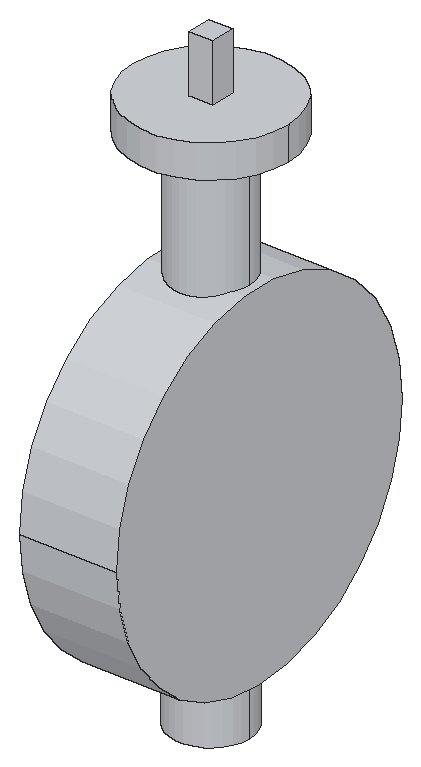
Revit family "HS497-68_disk-nerez_volné vřeteno DN150-RFA_2018", category Pipe Accessories, Revit 2018
Family settings
  Round Connector Dimension = Use Diameter
  Part Type = Valve - Breaks Into
  Work Plane-Based = No
  Always vertical = Yes
  Cut with Voids When Loaded = No
  Shared = No
Parameters (values of type "HS 497-68_DN150_PN16_volné vřeteno")
  magiProductId = "50c80cb8ab434f55ab7796e5ac1331"
  magiProductFamilyId = "53cea81e6f374d17b8841d9c72ad77"
  magiPartTypeId = 305
  isMeasuringValve [instance] = no
  ang2D [instance] = 0.00°
  X11 = 61.456 mm
  X1 = 25.456 mm
  W2D = 1000 mm
  VersionID = "2.0/2017.9.26.1/ZETKAMA_497_001"
  Use Minimum Symbol Size [instance] = yes
  URL = "http://www.hydronic.cz"
  Type Comments = "mezipřírubová; nerezový disk; PN16; -10~+110°C (krátkodobě +120°C)"
  SW30 = no
  SW3 = no
  SW21 = no
  SW20 = no
  SW2 = no
  SW1 = yes
  R = 75 mm
  QmdConnectorList = "301;D;302;D"
  Productdata [instance] = ""
  NC = 50 mm
  Manufacturer = "Hydronic Systems Prague s.r.o."
  MM20 = 25.456 mm
  MC Product Code = "124 150 (nerezový disk, s volným vřetenem; DN150; PN16, kvs1347)"
  M41 = 66 mm
  M4 = 44 mm
  LHL = 220 mm
  LHH3 = 2.45 mm
  LHH1 = 46.55 mm
  LH1 = 73.333 mm
  L4R__ve = -L4R  # -12.8 mm
  L4R = 12.8 mm
  L42__ve = -L42  # -96 mm
  L42 = 96 mm
  L41__ve = -L41  # -19.2 mm
  L41 = 19.2 mm
  L2D_Min = 3048 mm
  L2D = 216 mm
  L2 = 28 mm
  L1 = 44.8 mm
  L = 56 mm
  H = 33 mm
  G22 = 11.25 mm
  G2 = 22.5 mm
  G1 = 90 mm
  G = 90 mm
  F = 14 mm
  E44 = 31.25 mm
  E42 = 62.5 mm
  E4 = 125 mm
  E23 = 4.9 mm
  E22 = 19.6 mm
  E21 = 9.8 mm
  Description = "Mezipřírubová uzavírací klapka s volným vřetenem; nerezový disk, DN150; PN16; kvs1347"
  DR2 = 75 mm
  DR = 206 mm
  DD1 = 15.625 mm
  DD = 12.5 mm
  D = 150 mm
  CAT0 = yes
  B2__ve = -B2  # -58 mm
  B2 = 58 mm
  A2 = 19.3 mm
  A1 = 98.7 mm
Types (43, lengths in mm): name | magiProductId | X11 | X1 | Type Comments | SW30 | SW3 | SW20 | SW2 | SW1 | R | NC | Manufacturer | MM20 | MC Product Code | M41 | M4 | LHL | LHH3 | LHH1 | LH1 | L4R__ve | L4R | L42__ve | L42 | L41__ve | L41 | L2 | L1 | L | H | G | F | E44 | E42 | E4 | E23 | E22 | E21 | Description | DR2 | DR | DD1 | DD | D | B2__ve | B2 | A2 | A1
  HS 497-68_DN100_PN16_volné vřeteno | "65d1b245f4f142c78569c0602d5754" | 61.456 | 25.456 | "mezipřírubová; nerezový disk; PN16; -10~+110°C (krátkodobě +120°C)" | no | no | no | no | yes | 50 | 50 | "Hydronic Systems Prague s.r.o." | 25.456 | "124 100 (nerezový disk, s volným vřetenem; DN100; PN16, kvs512)" | 66 | 44 | 220 | 2.45 | 46.55 | 73.333 | -12.8 | 12.8 | -96 | 96 | -19.2 | 19.2 | 26 | 41.6 | 52 | 30 | 90 | 11 | 31.25 | 62.5 | 125 | 4.9 | 19.6 | 9.8 | "Mezipřírubová uzavírací klapka s volným vřetenem; nerezový disk, DN100; PN16; kvs512" | 50 | 147 | 15.625 | 12.5 | 100 | -56 | 56 | 16.5 | 98.5
  HS 497-68_DN100_PN16_převodové kolo | "11e91b807e674d428c8e796fcdcfe2" | 61.456 | 25.456 | "mezipřírubová; nerezový disk; PN16; -10~+110°C (krátkodobě +120°C)" | yes | yes | no | no | no | 50 | 50 | "Hydronic Systems Prague s.r.o." | 25.456 | "126 100 (nerezový disk, s převodovým kolem; DN100; PN16, kvs512)" | 65.25 | 43.5 | 220 | 2.45 | 46.55 | 73.333 | -12.8 | 12.8 | -96 | 96 | -19.2 | 19.2 | 26 | 41.6 | 52 | 30 | 90 | 11 | 31.25 | 62.5 | 125 | 4.9 | 19.6 | 9.8 | "Mezipřírubová uzavírací klapka s převodovým kolem; nerezový disk, DN100; PN16; kvs512" | 50 | 147 | 15.625 | 12.5 | 100 | -56 | 56 | 16.5 | 98.5
  HS 497-68_DN100_PN16_s pákou | "28172f0b3f4b47b28323ac71cf8749" | 61.456 | 25.456 | "mezipřírubová; nerezový disk; PN16; -10~+110°C (krátkodobě +120°C)" | no | no | yes | yes | no | 50 | 50 | "Hydronic Systems Prague s.r.o." | 25.456 | "121 100 (nerezový disk, s pákou; DN100; PN16, kvs512)" | 66 | 44 | 260 | 3 | 57 | 86.667 | -12.8 | 12.8 | -96 | 96 | -19.2 | 19.2 | 26 | 41.6 | 52 | 30 | 90 | 11 | 31.25 | 62.5 | 125 | 6 | 24 | 12 | "Mezipřírubová uzavírací klapka s pákou; nerezový disk, DN100; PN16; kvs512" | 50 | 147 | 15.625 | 12.5 | 100 | -56 | 56 | 16.5 | 98.5
  HS 497-68_DN125_PN16_volné vřeteno | "0d813d910fc14f628bb3c2efbd185c" | 61.456 | 25.456 | "mezipřírubová; nerezový disk; PN16; -10~+110°C (krátkodobě +120°C)" | no | no | no | no | yes | 62.5 | 50 | "Hydronic Systems Prague s.r.o." | 25.456 | "124 125 (nerezový disk, s volným vřetenem; DN125; PN16, kvs872)" | 66 | 44 | 220 | 2.45 | 46.55 | 73.333 | -12.8 | 12.8 | -96 | 96 | -19.2 | 19.2 | 28 | 44.8 | 56 | 33 | 90 | 14 | 31.25 | 62.5 | 125 | 4.9 | 19.6 | 9.8 | "Mezipřírubová uzavírací klapka s volným vřetenem; nerezový disk, DN125; PN16; kvs872" | 62.5 | 180 | 15.625 | 12.5 | 125 | -64 | 64 | 18 | 99.5
  HS 497-68_DN125_PN16_převodové kolo | "c56b7c13f372467684996fb1e0e229" | 61.456 | 25.456 | "mezipřírubová; nerezový disk; PN16; -10~+110°C (krátkodobě +120°C)" | yes | yes | no | no | no | 62.5 | 50 | "Hydronic Systems Prague s.r.o." | 25.456 | "126125 (nerezový disk, s převodovým kolem; DN125; PN16, kvs872)" | 65.25 | 43.5 | 220 | 2.45 | 46.55 | 73.333 | -13.5 | 13.5 | -101.25 | 101.25 | -20.25 | 20.25 | 28 | 44.8 | 56 | 33 | 90 | 14 | 40 | 80 | 160 | 4.9 | 19.6 | 9.8 | "Mezipřírubová uzavírací klapka s převodovým kolem; nerezový disk, DN125; PN16; kvs872" | 62.5 | 180 | 20 | 16 | 125 | -64 | 64 | 18 | 99.5
  HS 497-68_DN125_PN16_s pákou | "105993c79a91492399feef7931321a" | 61.456 | 25.456 | "mezipřírubová; nerezový disk; PN16; -10~+110°C (krátkodobě +120°C)" | no | no | yes | yes | no | 62.5 | 50 | "Hydronic Systems Prague s.r.o." | 25.456 | "121 125 (nerezový disk, s pákou; DN125; PN16, kvs872)" | 66 | 44 | 315 | 3.75 | 71.25 | 105 | -12.8 | 12.8 | -96 | 96 | -19.2 | 19.2 | 28 | 44.8 | 56 | 33 | 90 | 14 | 31.25 | 62.5 | 125 | 7.5 | 30 | 15 | "Mezipřírubová uzavírací klapka s pákou; nerezový disk, DN125; PN16; kvs872" | 62.5 | 180 | 15.625 | 12.5 | 125 | -64 | 64 | 18 | 99.5
  HS 497-68_DN150_PN16_volné vřeteno | "50c80cb8ab434f55ab7796e5ac1331" | 61.456 | 25.456 | "mezipřírubová; nerezový disk; PN16; -10~+110°C (krátkodobě +120°C)" | no | no | no | no | yes | 75 | 50 | "Hydronic Systems Prague s.r.o." | 25.456 | "124 150 (nerezový disk, s volným vřetenem; DN150; PN16, kvs1347)" | 66 | 44 | 220 | 2.45 | 46.55 | 73.333 | -12.8 | 12.8 | -96 | 96 | -19.2 | 19.2 | 28 | 44.8 | 56 | 33 | 90 | 14 | 31.25 | 62.5 | 125 | 4.9 | 19.6 | 9.8 | "Mezipřírubová uzavírací klapka s volným vřetenem; nerezový disk, DN150; PN16; kvs1347" | 75 | 206 | 15.625 | 12.5 | 150 | -58 | 58 | 19.3 | 98.7
  HS 497-68_DN150_PN16_převodové kolo | "d94a1a0cf83b476eb10011b327f709" | 61.456 | 25.456 | "mezipřírubová; nerezový disk; PN16; -10~+110°C (krátkodobě +120°C)" | yes | yes | no | no | no | 75 | 50 | "Hydronic Systems Prague s.r.o." | 25.456 | "126 150 (nerezový disk, s převodovým kolem; DN150; PN16, kvs1347)" | 65.25 | 43.5 | 220 | 2.45 | 46.55 | 73.333 | -13.5 | 13.5 | -101.25 | 101.25 | -20.25 | 20.25 | 28 | 44.8 | 56 | 33 | 90 | 14 | 40 | 80 | 160 | 4.9 | 19.6 | 9.8 | "Mezipřírubová uzavírací klapka s převodovým kolem; nerezový disk, DN150; PN16; kvs1347" | 75 | 206 | 20 | 16 | 150 | -58 | 58 | 19.3 | 98.7
  HS 497-68_DN150_PN16_s pákou | "4d2835523fe84828bc50ff0a5a0dfb" | 61.456 | 25.456 | "mezipřírubová; nerezový disk; PN16; -10~+110°C (krátkodobě +120°C)" | no | no | yes | yes | no | 75 | 50 | "Hydronic Systems Prague s.r.o." | 25.456 | "121 150 (nerezový disk, s pákou; DN150; PN16, kvs1347)" | 66 | 44 | 315 | 3.75 | 71.25 | 105 | -12.8 | 12.8 | -96 | 96 | -19.2 | 19.2 | 28 | 44.8 | 56 | 33 | 90 | 14 | 31.25 | 62.5 | 125 | 7.5 | 30 | 15 | "Mezipřírubová uzavírací klapka s pákou; nerezový disk, DN150; PN16; kvs1347" | 75 | 206 | 15.625 | 12.5 | 150 | -58 | 58 | 19.3 | 98.7
  HS 497-68_DN200_PN16_volné vřeteno | "5b29029eaeba47139ee1055a4b9201" | 61.456 | 25.456 | "mezipřírubová; nerezový disk; PN16; -10~+110°C (krátkodobě +120°C)" | no | no | no | no | yes | 100 | 50 | "Hydronic Systems Prague s.r.o." | 25.456 | "124 200 (nerezový disk, s volným vřetenem; DN200; PN16, kvs2675)" | 66 | 44 | 220 | 2.45 | 46.55 | 73.333 | -12.8 | 12.8 | -96 | 96 | -19.2 | 19.2 | 30 | 48 | 60 | 33 | 90 | 17 | 31.25 | 62.5 | 125 | 4.9 | 19.6 | 9.8 | "Mezipřírubová uzavírací klapka s volným vřetenem; nerezový disk, DN200; PN16; kvs2675" | 100 | 257 | 15.625 | 12.5 | 200 | -70 | 70 | 22.5 | 102.5
  HS 497-68_DN200_PN16_převodové kolo | "b2793cc1fcc44cf2a35062cd67c04f" | 61.456 | 25.456 | "mezipřírubová; nerezový disk; PN16; -10~+110°C (krátkodobě +120°C)" | yes | yes | no | no | no | 100 | 57 | "Hydronic Systems Prague s.r.o." | 25.456 | "126 200 (nerezový disk, s převodovým kolem; DN200; PN16, kvs2675)" | 78.75 | 52.5 | 220 | 2.45 | 46.55 | 73.333 | -15.2 | 15.2 | -114 | 114 | -22.8 | 22.8 | 30 | 48 | 60 | 33 | 90 | 17 | 50 | 100 | 200 | 4.9 | 19.6 | 9.8 | "Mezipřírubová uzavírací klapka s převodovým kolem; nerezový disk, DN200; PN16; kvs2675" | 100 | 257 | 25 | 20 | 200 | -70 | 70 | 22.5 | 102.5
  HS 497-68_DN200_PN16_s pákou | "f88d96c7af224537a51e72d7d8fffe" | 61.456 | 25.456 | "mezipřírubová; nerezový disk; PN16; -10~+110°C (krátkodobě +120°C)" | no | no | yes | yes | no | 100 | 50 | "Hydronic Systems Prague s.r.o." | 25.456 | "121 200 (nerezový disk, s pákou; DN200; PN16, kvs2675)" | 66 | 44 | 315 | 3.75 | 71.25 | 105 | -12.8 | 12.8 | -96 | 96 | -19.2 | 19.2 | 30 | 48 | 60 | 33 | 90 | 17 | 31.25 | 62.5 | 125 | 7.5 | 30 | 15 | "Mezipřírubová uzavírací klapka s pákou; nerezový disk, DN200; PN16; kvs2675" | 100 | 257 | 15.625 | 12.5 | 200 | -70 | 70 | 22.5 | 102.5
  HS 497-68_DN250_PN16_volné vřeteno | "b662e8305ca2402b9c510e66e6aa55" | 88.77 | 36.77 | "mezipřírubová; nerezový disk; PN16; -10~+110°C (krátkodobě +120°C)" | no | no | no | no | yes | 125 | 50 | "Hydronic Systems Prague s.r.o." | 36.77 | "124 250 (nerezový disk, s volným vřetenem; DN250; PN16, kvs4555)" | 66 | 44 | 220 | 2.45 | 46.55 | 73.333 | -12.8 | 12.8 | -96 | 96 | -19.2 | 19.2 | 34 | 54.4 | 68 | 23 | 130 | 22 | 31.25 | 62.5 | 125 | 4.9 | 19.6 | 9.8 | "Mezipřírubová uzavírací klapka s volným vřetenem; nerezový disk, DN250; PN16; kvs4555" | 125 | 324 | 15.625 | 12.5 | 250 | -85 | 85 | 28.25 | 129.25
  HS 497-68_DN250_PN16_převodové kolo | "5ee9016806664ddfaa2632711f295c" | 88.77 | 36.77 | "mezipřírubová; nerezový disk; PN16; -10~+110°C (krátkodobě +120°C)" | yes | yes | no | no | no | 125 | 70 | "Hydronic Systems Prague s.r.o." | 36.77 | "126 250 (nerezový disk, s převodovým kolem; DN250; PN16, kvs4555)" | 91.5 | 61 | 220 | 2.45 | 46.55 | 73.333 | -22.2 | 22.2 | -166.5 | 166.5 | -33.3 | 33.3 | 34 | 54.4 | 68 | 23 | 130 | 22 | 62.5 | 125 | 250 | 4.9 | 19.6 | 9.8 | "Mezipřírubová uzavírací klapka s převodovým kolem; nerezový disk, DN250; PN16; kvs4555" | 125 | 324 | 31.25 | 25 | 250 | -85 | 85 | 28.25 | 129.25
  HS 497-68_DN300_PN16_volné vřeteno | "e1886f51ff004380a649519258edf2" | 88.77 | 36.77 | "mezipřírubová; nerezový disk; PN16; -10~+110°C (krátkodobě +120°C)" | no | no | no | no | yes | 150 | 50 | "Hydronic Systems Prague s.r.o." | 36.77 | "124 300 (nerezový disk, s volným vřetenem; DN300; PN16, kvs7037)" | 66 | 44 | 220 | 2.45 | 46.55 | 73.333 | -12.8 | 12.8 | -96 | 96 | -19.2 | 19.2 | 39 | 62.4 | 78 | 23 | 130 | 22 | 31.25 | 62.5 | 125 | 4.9 | 19.6 | 9.8 | "Mezipřírubová uzavírací klapka s volným vřetenem; nerezový disk, DN300; PN16; kvs7037" | 150 | 376 | 15.625 | 12.5 | 300 | -90 | 90 | 30.8 | 127.2
  HS 497-68_DN300_PN16_převodové kolo | "6860f094f77d42088fbebc3c97f755" | 88.77 | 36.77 | "mezipřírubová; nerezový disk; PN16; -10~+110°C (krátkodobě +120°C)" | yes | yes | no | no | no | 150 | 70 | "Hydronic Systems Prague s.r.o." | 36.77 | "126 300 (nerezový disk, s převodovým kolem; DN300; PN16, kvs7037)" | 91.5 | 61 | 220 | 2.45 | 46.55 | 73.333 | -22.2 | 22.2 | -166.5 | 166.5 | -33.3 | 33.3 | 39 | 62.4 | 78 | 23 | 130 | 22 | 62.5 | 125 | 250 | 4.9 | 19.6 | 9.8 | "Mezipřírubová uzavírací klapka s převodovým kolem; nerezový disk, DN300; PN16; kvs7037" | 150 | 376 | 31.25 | 25 | 300 | -90 | 90 | 30.8 | 127.2
  HS 497-68_DN032_PN16_volné vřeteno | "8c5f65de52aa4067a77564107e31b2" | 61.456 | 25.456 | "mezipřírubová; nerezový disk; PN16; -10~+110°C (krátkodobě +120°C)" | no | no | no | no | yes | 16 | 50 | "Hydronic Systems Prague s.r.o." | 25.456 | "124 032 (nerezový disk, s volným vřetenem; DN32; PN16, kvs78)" | 66 | 44 | 220 | 2.45 | 46.55 | 73.333 | -12.8 | 12.8 | -96 | 96 | -19.2 | 19.2 | 16.5 | 26.4 | 33 | 30 | 90 | 11 | 31.25 | 62.5 | 125 | 4.9 | 19.6 | 9.8 | "Mezipřírubová uzavírací klapka s volným vřetenem; nerezový disk, DN32; PN16; kvs78" | 16 | 68 | 15.625 | 12.5 | 32 | -44.2 | 44.2 | 10.25 | 76.25
  HS 497-68_DN032_PN16_převodové kolo | "60aaeffa8b3a4e809ef000e4660060" | 61.456 | 25.456 | "mezipřírubová; nerezový disk; PN16; -10~+110°C (krátkodobě +120°C)" | yes | yes | no | no | no | 16 | 50 | "Hydronic Systems Prague s.r.o." | 25.456 | "126 032 (nerezový disk, s převodovým kolem; DN32; PN16, kvs78)" | 65.25 | 43.5 | 220 | 2.45 | 46.55 | 73.333 | -12.8 | 12.8 | -96 | 96 | -19.2 | 19.2 | 16.5 | 26.4 | 33 | 30 | 90 | 11 | 31.25 | 62.5 | 125 | 4.9 | 19.6 | 9.8 | "Mezipřírubová uzavírací klapka s převodovým kolem; nerezový disk, DN32; PN16; kvs78" | 16 | 68 | 15.625 | 12.5 | 32 | -44.2 | 44.2 | 10.25 | 76.25
  HS 497-68_DN032_PN16_s pákou | "9ad8088d610749a1b871aa2aad8007" | 61.456 | 25.456 | "mezipřírubová; nerezový disk; PN16; -10~+110°C (krátkodobě +120°C)" | no | no | yes | yes | no | 16 | 50 | "Hydronic Systems Prague s.r.o." | 25.456 | "121 032 (nerezový disk, s pákou; DN32; PN16, kvs78)" | 66 | 44 | 220 | 2.45 | 46.55 | 73.333 | -12.8 | 12.8 | -96 | 96 | -19.2 | 19.2 | 16.5 | 26.4 | 33 | 30 | 90 | 11 | 31.25 | 62.5 | 125 | 4.9 | 19.6 | 9.8 | "Mezipřírubová uzavírací klapka s pákou; nerezový disk, DN32; PN16; kvs78" | 16 | 68 | 15.625 | 12.5 | 32 | -44.2 | 44.2 | 10.25 | 76.25
  HS 497-68_DN350_PN10_volné vřeteno | "72a1e05f22944421b7e9596a877137" | 109.255 | 45.255 | "mezipřírubová; nerezový disk; PN10; -10~+110°C (krátkodobě +120°C)" | no | no | no | no | yes | 175 | 50 | "Hydronic Systems Prague s.r.o." | 45.255 | "124 350 (nerezový disk, s volným vřetenem; DN350; PN10, kvs10165)" | 66 | 44 | 220 | 2.45 | 46.55 | 73.333 | -12.8 | 12.8 | -96 | 96 | -19.2 | 19.2 | 39 | 62.4 | 78 | 31 | 160 | 22 | 31.25 | 62.5 | 125 | 4.9 | 19.6 | 9.8 | "Mezipřírubová uzavírací klapka s volným vřetenem; nerezový disk, DN350; PN10; kvs10165" | 175 | 430 | 15.625 | 12.5 | 350 | -88 | 88 | 33.85 | 129.65
  HS 497-68_DN350_PN10_převodové kolo | "a5a01426cb28494ba3afca92f1dace" | 109.255 | 45.255 | "mezipřírubová; nerezový disk; PN10; -10~+110°C (krátkodobě +120°C)" | yes | yes | no | no | no | 175 | 70 | "Hydronic Systems Prague s.r.o." | 45.255 | "126 350 (nerezový disk, s převodovým kolem; DN350; PN10, kvs10165)" | 91.5 | 61 | 220 | 2.45 | 46.55 | 73.333 | -22.2 | 22.2 | -166.5 | 166.5 | -33.3 | 33.3 | 39 | 62.4 | 78 | 31 | 160 | 22 | 62.5 | 125 | 250 | 4.9 | 19.6 | 9.8 | "Mezipřírubová uzavírací klapka s převodovým kolem; nerezový disk, DN350; PN10; kvs10165" | 175 | 430 | 31.25 | 25 | 350 | -88 | 88 | 33.85 | 129.65
  HS 497-68_DN400_PN10_volné vřeteno | "c70ebeb927c04ab99b176e257ad0a7" | 109.255 | 45.255 | "mezipřírubová; nerezový disk; PN10; -10~+110°C (krátkodobě +120°C)" | no | no | no | no | yes | 200 | 50 | "Hydronic Systems Prague s.r.o." | 45.255 | "124 400 (nerezový disk, s volným vřetenem; DN400; PN10, kvs13799)" | 66 | 44 | 220 | 2.45 | 46.55 | 73.333 | -12.8 | 12.8 | -96 | 96 | -19.2 | 19.2 | 51 | 81.6 | 102 | 31 | 160 | 27 | 31.25 | 62.5 | 125 | 4.9 | 19.6 | 9.8 | "Mezipřírubová uzavírací klapka s volným vřetenem; nerezový disk, DN400; PN10; kvs13799" | 200 | 485 | 15.625 | 12.5 | 400 | -108 | 108 | 38 | 142
  HS 497-68_DN400_PN10_převodové kolo | "cc64a4384dcb41b780d81810f4f293" | 109.255 | 45.255 | "mezipřírubová; nerezový disk; PN10; -10~+110°C (krátkodobě +120°C)" | yes | yes | no | no | no | 200 | 72.5 | "Hydronic Systems Prague s.r.o." | 45.255 | "126 400 (nerezový disk, s převodovým kolem; DN400; PN10, kvs13799)" | 103.5 | 69 | 220 | 2.45 | 46.55 | 73.333 | -27.8 | 27.8 | -208.5 | 208.5 | -41.7 | 41.7 | 51 | 81.6 | 102 | 31 | 160 | 27 | 75 | 150 | 300 | 4.9 | 19.6 | 9.8 | "Mezipřírubová uzavírací klapka s převodovým kolem; nerezový disk, DN400; PN10; kvs13799" | 200 | 485 | 37.5 | 30 | 400 | -108 | 108 | 38 | 142
  HS 497-68_DN040_PN16_volné vřeteno | "35f92312390745e88df5b5c325d9ee" | 61.456 | 25.456 | "mezipřírubová; nerezový disk; PN16; -10~+110°C (krátkodobě +120°C)" | no | no | no | no | yes | 20 | 50 | "Hydronic Systems Prague s.r.o." | 25.456 | "124 040 (nerezový disk, s volným vřetenem; DN40; PN16, kvs78)" | 66 | 44 | 220 | 2.45 | 46.55 | 73.333 | -12.8 | 12.8 | -96 | 96 | -19.2 | 19.2 | 16.5 | 26.4 | 33 | 30 | 90 | 11 | 31.25 | 62.5 | 125 | 4.9 | 19.6 | 9.8 | "Mezipřírubová uzavírací klapka s volným vřetenem; nerezový disk, DN40; PN16; kvs78" | 20 | 76 | 15.625 | 12.5 | 40 | -36 | 36 | 11 | 79
  HS 497-68_DN040_PN16_převodové kolo | "d88e968eae3445bc9b7b4e6ff35127" | 61.456 | 25.456 | "mezipřírubová; nerezový disk; PN16; -10~+110°C (krátkodobě +120°C)" | yes | yes | no | no | no | 20 | 50 | "Hydronic Systems Prague s.r.o." | 25.456 | "126 040 (nerezový disk, s převodovým kolem; DN40; PN16, kvs78)" | 65.25 | 43.5 | 220 | 2.45 | 46.55 | 73.333 | -12.8 | 12.8 | -96 | 96 | -19.2 | 19.2 | 16.5 | 26.4 | 33 | 30 | 90 | 11 | 31.25 | 62.5 | 125 | 4.9 | 19.6 | 9.8 | "Mezipřírubová uzavírací klapka s převodovým kolem; nerezový disk, DN40; PN16; kvs78" | 20 | 76 | 15.625 | 12.5 | 40 | -36 | 36 | 11 | 79
  HS 497-68_DN040_PN16_s pákou | "c1b522ca65b4407a98818f232eaacb" | 61.456 | 25.456 | "mezipřírubová; nerezový disk; PN16; -10~+110°C (krátkodobě +120°C)" | no | no | yes | yes | no | 20 | 50 | "Hydronic Systems Prague s.r.o." | 25.456 | "121 040 (nerezový disk, s pákou; DN40; PN16, kvs78)" | 66 | 44 | 220 | 2.45 | 46.55 | 73.333 | -12.8 | 12.8 | -96 | 96 | -19.2 | 19.2 | 16.5 | 26.4 | 33 | 30 | 90 | 11 | 31.25 | 62.5 | 125 | 4.9 | 19.6 | 9.8 | "Mezipřírubová uzavírací klapka s pákou; nerezový disk, DN40; PN16; kvs78" | 20 | 76 | 15.625 | 12.5 | 40 | -36 | 36 | 11 | 79
  HS 497-68_DN450_PN10_volné vřeteno | "a8358bc282f14872b3194e530e590a" | 129.74 | 53.74 | "mezipřírubová; nerezový disk; PN10; -10~+110°C (krátkodobě +120°C)" | no | no | no | no | yes | 225 | 50 | "Hydronic Systems Prague s.r.o." | 53.74 | "124 450 (nerezový disk, s volným vřetenem; DN450; PN10, kvs18514)" | 66 | 44 | 220 | 2.45 | 46.55 | 73.333 | -12.8 | 12.8 | -96 | 96 | -19.2 | 19.2 | 57 | 91.2 | 114 | 38 | 190 | 36 | 31.25 | 62.5 | 125 | 4.9 | 19.6 | 9.8 | "Mezipřírubová uzavírací klapka s volným vřetenem; nerezový, DN450; PN10; kvs18514" | 225 | 536 | 15.625 | 12.5 | 450 | -115 | 115 | 38.05 | 117.45
  HS 497-68_DN450_PN10_převodové kolo | "cdf2d80f54a9414f9cbe50647c0ebd" | 129.74 | 53.74 | "mezipřírubová; nerezový disk; PN10; -10~+110°C (krátkodobě +120°C)" | yes | yes | no | no | no | 225 | 91.5 | "Zetkama" | 53.74 | "126 450 (nerezový disk, s převodovým kolem; DN450; PN10, kvs18514)" | 144.75 | 96.5 | 220 | 2.45 | 46.55 | 73.333 | -32.1 | 32.1 | -240.75 | 240.75 | -48.15 | 48.15 | 57 | 91.2 | 114 | 38 | 190 | 36 | 100 | 200 | 400 | 4.9 | 19.6 | 9.8 | "Mezipřírubová uzavírací klapka s převodovým kolem; nerezový disk, DN450; PN10; kvs18514" | 225 | 536 | 50 | 40 | 450 | -115 | 115 | 38.05 | 117.45
  HS 497-68_DN500_PN10_volné vřeteno | "8c396e27bb2743f98f3c762b6517cd" | 143.397 | 59.397 | "mezipřírubová; nerezový disk; PN10; -10~+110°C (krátkodobě +120°C)" | no | no | no | no | yes | 250 | 50 | "Hydronic Systems Prague s.r.o." | 59.397 | "124 500 (nerezový disk, s volným vřetenem; DN500; PN10, kvs23805)" | 66 | 44 | 220 | 2.45 | 46.55 | 73.333 | -12.8 | 12.8 | -96 | 96 | -19.2 | 19.2 | 63.5 | 101.6 | 127 | 38 | 210 | 36 | 31.25 | 62.5 | 125 | 4.9 | 19.6 | 9.8 | "Mezipřírubová uzavírací klapka s volným vřetenem; nerezový disk, DN500; PN10; kvs23805" | 250 | 593 | 15.625 | 12.5 | 500 | -130 | 130 | 43.25 | 139.25
  HS 497-68_DN500_PN10_převodové kolo | "7647804f32e94cef828a7034a91a46" | 143.397 | 59.397 | "mezipřírubová; nerezový disk; PN10; -10~+110°C (krátkodobě +120°C)" | yes | yes | no | no | no | 250 | 91.5 | "Zetkama" | 59.397 | "126 500 (nerezový disk, s převodovým kolem; DN500; PN10, kvs23805)" | 144.75 | 96.5 | 220 | 2.45 | 46.55 | 73.333 | -32.1 | 32.1 | -240.75 | 240.75 | -48.15 | 48.15 | 63.5 | 101.6 | 127 | 38 | 210 | 36 | 100 | 200 | 400 | 4.9 | 19.6 | 9.8 | "Mezipřírubová uzavírací klapka s převodovým kolem; nerezový disk, DN500; PN10; kvs23805" | 250 | 593 | 50 | 40 | 500 | -130 | 130 | 43.25 | 139.25
  HS 497-68_DN050_volné vřeteno | "d71f296ecd6d4adf8f6e5d9853b4e0" | 61.456 | 25.456 | "mezipřírubová; nerezový disk; PN16; -10~+110°C (krátkodobě +120°C)" | no | no | no | no | yes | 25 | 50 | "Hydronic Systems Prague s.r.o." | 25.456 | "124 050 (nerezový disk, s volným vřetenem; DN50; PN16, kvs98)" | 66 | 44 | 220 | 2.45 | 46.55 | 73.333 | -12.8 | 12.8 | -96 | 96 | -19.2 | 19.2 | 21.5 | 34.4 | 43 | 30 | 90 | 11 | 31.25 | 62.5 | 125 | 4.9 | 19.6 | 9.8 | "Mezipřírubová uzavírací klapka s volným vřetenem; nerezový disk, DN50; PN16; kvs98" | 25 | 100 | 15.625 | 12.5 | 50 | -36.5 | 36.5 | 12 | 83
  HS 497-68_DN050_PN16_převodové kolo | "2fb080deeaed49c58418b94c1da5a4" | 61.456 | 25.456 | "mezipřírubová; nerezový disk; PN16; -10~+110°C (krátkodobě +120°C)" | yes | yes | no | no | no | 25 | 50 | "Hydronic Systems Prague s.r.o." | 25.456 | "126 050 (nerezový disk, s převodovým kolem; DN50; PN16, kvs98)" | 65.25 | 43.5 | 220 | 2.45 | 46.55 | 73.333 | -12.8 | 12.8 | -96 | 96 | -19.2 | 19.2 | 21.5 | 34.4 | 43 | 30 | 90 | 11 | 31.25 | 62.5 | 125 | 4.9 | 19.6 | 9.8 | "Mezipřírubová uzavírací klapka s převodovým kolem; nerezový disk, DN50; PN16; kvs98" | 25 | 100 | 15.625 | 12.5 | 50 | -36.5 | 36.5 | 12 | 83
  HS 497-68_DN050_PN16_s pákou | "dabc632061f94877a994b9b4e68112" | 61.456 | 25.456 | "mezipřírubová; nerezový disk; PN16; -10~+110°C (krátkodobě +120°C)" | no | no | yes | yes | no | 25 | 50 | "Hydronic Systems Prague s.r.o." | 25.456 | "121 050 (nerezový disk, s pákou; DN50; PN16, kvs98)" | 66 | 44 | 220 | 2.45 | 46.55 | 73.333 | -12.8 | 12.8 | -96 | 96 | -19.2 | 19.2 | 21.5 | 34.4 | 43 | 30 | 90 | 11 | 31.25 | 62.5 | 125 | 4.9 | 19.6 | 9.8 | "Mezipřírubová uzavírací klapka s pákou; nerezový disk, DN50; PN16; kvs98" | 25 | 100 | 15.625 | 12.5 | 50 | -36.5 | 36.5 | 12 | 83
  HS 497-68_DN600_PN10_volné vřeteno | "99d5892c14664fce81a7c5903f7711" | 143.397 | 59.397 | "mezipřírubová; nerezový disk; PN10; -10~+110°C (krátkodobě +120°C)" | no | no | no | no | yes | 300 | 50 | "Hydronic Systems Prague s.r.o." | 59.397 | "124 600 (nerezový disk, s volným vřetenem; DN600; PN10, kvs36778)" | 66 | 44 | 220 | 2.45 | 46.55 | 73.333 | -12.8 | 12.8 | -96 | 96 | -19.2 | 19.2 | 77 | 123.2 | 154 | 80 | 210 | 60 | 31.25 | 62.5 | 125 | 4.9 | 19.6 | 9.8 | "Mezipřírubová uzavírací klapka s volným vřetenem; nerezový disk, DN600; PN10; kvs36788" | 300 | 690 | 15.625 | 12.5 | 600 | -140 | 140 | 49.4 | 144.6
  HS 497-68_DN600_PN10_převodové kolo | "b1e26faab48a4c499f6bb11e7e3002" | 143.397 | 59.397 | "mezipřírubová; lnerezový disk; PN10; -10~+110°C (krátkodobě +120°C)" | yes | yes | no | no | no | 300 | 140 | "Hydronic Systems Prague s.r.o." | 59.397 | "126 600 (nerezový disk, s převodovým kolem; DN600; PN10, kvs36778)" | 206.25 | 137.5 | 220 | 2.45 | 46.55 | 73.333 | -40.8 | 40.8 | -306 | 306 | -61.2 | 61.2 | 77 | 123.2 | 154 | 80 | 210 | 60 | 125 | 250 | 500 | 4.9 | 19.6 | 9.8 | "Mezipřírubová uzavírací klapka s převodovým kolem; nerezový disk, DN600; PN10; kvs36788" | 300 | 690 | 62.5 | 50 | 600 | -140 | 140 | 49.4 | 144.6
  HS 497-68_DN065_PN16_volné vřeteno | "5e5e208646e34ec29f889baab5d08e" | 61.456 | 25.456 | "mezipřírubová; lnerezový disk; PN16; -10~+110°C (krátkodobě +120°C)" | no | no | no | no | yes | 32.5 | 50 | "Hydronic Systems Prague s.r.o." | 25.456 | "124 065 (nerezový disk, s volným vřetenem; DN65; PN16, kvs167)" | 66 | 44 | 220 | 2.45 | 46.55 | 73.333 | -12.8 | 12.8 | -96 | 96 | -19.2 | 19.2 | 23 | 36.8 | 46 | 30 | 90 | 11 | 31.25 | 62.5 | 125 | 4.9 | 19.6 | 9.8 | "Mezipřírubová uzavírací klapka s volným vřetenem; nerezový disk, DN65; PN16; kv167" | 32.5 | 108 | 15.625 | 12.5 | 65 | -36.5 | 36.5 | 13.5 | 89
  HS 497-68_DN065_PN16_převodové kolo | "654d74c8d15540b0bfe523d988ccb3" | 61.456 | 25.456 | "mezipřírubová; nerezový disk; PN16; -10~+110°C (krátkodobě +120°C)" | yes | yes | no | no | no | 32.5 | 50 | "Hydronic Systems Prague s.r.o." | 25.456 | "126 065 (nerezový disk, s převodovým kolem; DN65; PN16, kvs167)" | 65.25 | 43.5 | 220 | 2.45 | 46.55 | 73.333 | -12.8 | 12.8 | -96 | 96 | -19.2 | 19.2 | 23 | 36.8 | 46 | 30 | 90 | 11 | 31.25 | 62.5 | 125 | 4.9 | 19.6 | 9.8 | "Mezipřírubová uzavírací klapka s převodovým kolem; nerezový disk, DN65; PN16; kvs167" | 32.5 | 108 | 15.625 | 12.5 | 65 | -36.5 | 36.5 | 13.5 | 89
  HS 497-68_DN065_PN16_s pákou | "ebeb4b59db0641caaf6d6635ab37b9" | 61.456 | 25.456 | "mezipřírubová; nerezový disk; PN16; -10~+110°C (krátkodobě +120°C)" | no | no | yes | yes | no | 32.5 | 50 | "Hydronic Systems Prague s.r.o." | 25.456 | "121 065 (nerezový disk, s pákou; DN65; PN16, kvs167)" | 66 | 44 | 220 | 2.45 | 46.55 | 73.333 | -12.8 | 12.8 | -96 | 96 | -19.2 | 19.2 | 23 | 36.8 | 46 | 30 | 90 | 11 | 31.25 | 62.5 | 125 | 4.9 | 19.6 | 9.8 | "Mezipřírubová uzavírací klapka s pákou; nerezový disk, DN65; PN16; kvs167" | 32.5 | 108 | 15.625 | 12.5 | 65 | -36.5 | 36.5 | 13.5 | 89
  HS 497-68_DN080_PN16_volné vřeteno | "9e85c75c18654e1185a9c48ed6b00e" | 61.456 | 25.456 | "mezipřírubová; nerezový disk; PN16; -10~+110°C (krátkodobě +120°C)" | no | no | no | no | yes | 40 | 50 | "Hydronic Systems Prague s.r.o." | 25.456 | "124 080 (nerezový disk, s volným vřetenem; DN80; PN16, kvs258)" | 66 | 44 | 220 | 2.45 | 46.55 | 73.333 | -12.8 | 12.8 | -96 | 96 | -19.2 | 19.2 | 23 | 36.8 | 46 | 30 | 90 | 11 | 31.25 | 62.5 | 125 | 4.9 | 19.6 | 9.8 | "Mezipřírubová uzavírací klapka s volným vřetenem; nerezový disk, DN80; PN16; kvs258" | 40 | 124 | 15.625 | 12.5 | 80 | -54 | 54 | 14.1 | 86.9
  HS 497-68_DN080_PN16_převodové kolo | "5b3c8238c3d041e68c75b199e7ea46" | 61.456 | 25.456 | "mezipřírubová; nerezový disk; PN16; -10~+110°C (krátkodobě +120°C)" | yes | yes | no | no | no | 40 | 50 | "Hydronic Systems Prague s.r.o." | 25.456 | "126 080 (nerezový disk, s převodovým kolem; DN80; PN16, kvs258)" | 65.25 | 43.5 | 220 | 2.45 | 46.55 | 73.333 | -12.8 | 12.8 | -96 | 96 | -19.2 | 19.2 | 23 | 36.8 | 46 | 30 | 90 | 11 | 31.25 | 62.5 | 125 | 4.9 | 19.6 | 9.8 | "Mezipřírubová uzavírací klapka s převodovým kolem; nerezový disk, DN80; PN16; kvs258" | 40 | 124 | 15.625 | 12.5 | 80 | -54 | 54 | 14.1 | 86.9
  HS 497-68_DN080_PN16_s pákou | "e414795fab0f4eccb99bc3572c5477" | 61.456 | 25.456 | "mezipřírubová; nerezový disk; PN16; -10~+110°C (krátkodobě +120°C)" | no | no | yes | yes | no | 40 | 50 | "Hydronic Systems Prague s.r.o." | 25.456 | "121 080 (nerezový disk, s pákou; DN80; PN16, kvs258)" | 66 | 44 | 260 | 3 | 57 | 86.667 | -12.8 | 12.8 | -96 | 96 | -19.2 | 19.2 | 23 | 36.8 | 46 | 30 | 90 | 11 | 31.25 | 62.5 | 125 | 6 | 24 | 12 | "Mezipřírubová uzavírací klapka s pákou; nerezový disk, DN80; PN16; kvs258" | 40 | 124 | 15.625 | 12.5 | 80 | -54 | 54 | 14.1 | 86.9
  HS 497-68_DN250_PN16_s pákou | "" | 88.77 | 36.77 | "mezipřírubová; nerezový disk; PN16; -10~+110°C (krátkodobě +120°C)" | no | no | yes | yes | no | 125 | 70 | "Hydronic Systems Prague s.r.o." | 36.77 | "121 250 (nerezový disk, s ákou; DN250; PN16, kvs4555)" | 91.5 | 61 | 220 | 2.45 | 46.55 | 73.333 | -22.2 | 22.2 | -166.5 | 166.5 | -33.3 | 33.3 | 34 | 54.4 | 68 | 23 | 130 | 22 | 62.5 | 125 | 250 | 4.9 | 19.6 | 9.8 | "Mezipřírubová uzavírací klapka s pákou; nerezový disk, DN250; PN16; kvs4555" | 125 | 324 | 31.25 | 25 | 250 | -85 | 85 | 28.25 | 129.25
  HS 497-68_DN300_PN16_s pákou | "" | 88.77 | 36.77 | "mezipřírubová; nerezový disk; PN16; -10~+110°C (krátkodobě +120°C)" | no | no | yes | yes | no | 150 | 70 | "Hydronic Systems Prague s.r.o." | 36.77 | "121 300 (nerezový disk, s pákou; DN300; PN16, kvs7037)" | 91.5 | 61 | 220 | 2.45 | 46.55 | 73.333 | -22.2 | 22.2 | -166.5 | 166.5 | -33.3 | 33.3 | 39 | 62.4 | 78 | 23 | 130 | 22 | 62.5 | 125 | 250 | 4.9 | 19.6 | 9.8 | "Mezipřírubová uzavírací klapka s pákou; nerezový disk, DN300; PN16; kvs7037" | 150 | 376 | 31.25 | 25 | 300 | -90 | 90 | 30.8 | 127.2
Reference planes
  plane 1 "Center (Front/Back)": y = 0
  plane 2 "XYPLANE": z = 0
  plane 3 "Center (Left/Right)": x = 0
  plane 4 "473": x = -25.456
  plane 5 "472": x = -66
  plane 6 "471": y = -25.456
  plane 7 "470": y = 25.456
  plane 8 "469": x = -44
  plane 9 "468": y = -115.2
  plane 10 "467": y = -96
  plane 11 "466": z = 224.25
  plane 12 "465": z = 239.55
  plane 13 "464": y = 145.417
  plane 14 "463": z = 229.75
  plane 15 "462": z = 212.6
  plane 16 "461": z = 222.4
  plane 17 "460": y = 72.083
  plane 18 "459": x = -11.25
  plane 19 "458": x = 11.25
  plane 20 "457": y = -6.25
  plane 21 "456": x = -17.5
  plane 22 "455": x = 17.5
  plane 23 "454": z = 227.3
  plane 24 "453": y = 62.083
  plane 25 "452": y = -11.25
  plane 26 "451": x = -22.5
  plane 27 "450": x = 22.5
  plane 28 "449": z = 207.7
  plane 29 "448": z = 202.8
  plane 30 "447": z = -75
  plane 31 "446": z = 193
  plane 32 "445": z = 173.7
  plane 33 "444": z = 75
  plane 34 "443": x = 28
  plane 35 "442": x = -28
  plane 36 "441": z = 0
  plane 37 "440": y = 0
  plane 38 "439": x = 0
  plane 39 "438": z = 242
  plane 40 "437": z = 227.3
  plane 41 "436": x = 13.7
  plane 42 "435": x = -13.7
  plane 43 "434": y = 220
Forms (mm)
  Extrusion 1, solid, visible <- "SW3"
    sketch origin (-750, 0, 193) x (1, 0, 0) y (0, 1, 0)
      loop
        line (684, 25.456) -> (684, -25.456) -> (724.544, -25.456)
        arc (724.544, -25.456) -> (786, 0) -> (724.544, 25.456) r 36
        line (724.544, 25.456) -> (684, 25.456)
    from 0 to 62.5 <- "E42"
  Extrusion 2, solid, visible <- "SW30"
    sketch origin (0, -750, 0) x (0, 1, 0) y (0, 0, 1)
      loop
        circle (750, 224.25) r 7.813
    from 0 to 50 <- "NC"
  Extrusion 3, solid, visible <- "SW30"
    sketch origin (750, -115.2, 0) x (-1, 0, 0) y (0, 0, 1)
      loop
        circle (794, 224.25) r 62.5
    from 0 to -12.8 <- "L4R__ve"
  Extrusion 4, solid, visible <- "SW3"
    sketch origin (750, -96, 0) x (-1, 0, 0) y (0, 0, 1)
      loop
        circle (794, 224.25) r 7.813
    from 0 to -19.2 <- "L41__ve"
  Extrusion 5, solid, visible <- "SW30"
    sketch origin (750, 0, 0) x (-1, 0, 0) y (0, 0, 1)
      loop
        circle (794, 224.25) r 6.25
    from 0 to -96 <- "L42__ve"
  Blend 6, solid, visible <- "SW21"
    base sketch origin (750, 72.083, 0) x (-1, 0, 0) y (0, 0, 1)
      loop
        line (761.25, 222.4) -> (738.75, 222.4) -> (738.75, 212.6) -> (761.25, 212.6) -> (761.25, 222.4)
    top sketch origin (750, 72.083, 0) x (-1, 0, 0) y (0, 0, 1)
      loop
        line (761.25, 239.55) -> (738.75, 239.55) -> (738.75, 229.75) -> (761.25, 229.75) -> (761.25, 239.55)
    from 0 to 73.333
  Blend 7, solid, visible <- "SW21"
    base sketch origin (750, 62.083, 0) x (-1, 0, 0) y (0, 0, 1)
      loop
        line (761.25, 227.3) -> (738.75, 227.3) -> (738.75, 207.7) -> (761.25, 207.7) -> (761.25, 227.3)
    top sketch origin (750, 62.083, 0) x (-1, 0, 0) y (0, 0, 1)
      loop
        line (761.25, 222.4) -> (738.75, 222.4) -> (738.75, 212.6) -> (761.25, 212.6) -> (761.25, 222.4)
    from 0 to 10
  Blend 8, solid, visible <- "SW21"
    base sketch origin (-750, 0, 207.7) x (1, 0, 0) y (0, 1, 0)
      loop
        line (772.5, 62.083) -> (727.5, 62.083) -> (727.5, -11.25)
        arc (727.5, -11.25) -> (750, -31.25) -> (772.5, -11.25) r 22.656
        line (772.5, -11.25) -> (772.5, 62.083)
    top sketch origin (-750, 0, 207.7) x (1, 0, 0) y (0, 1, 0)
      loop
        line (767.5, 62.083) -> (732.5, 62.083) -> (732.5, -6.25)
        arc (732.5, -6.25) -> (750, -26.25) -> (767.5, -6.25) r 17.656
        line (767.5, -6.25) -> (767.5, 62.083)
    from 0 to 19.6
  Extrusion 9, solid, visible <- "SW2"
    sketch origin (-750, 0, 202.8) x (1, 0, 0) y (0, 1, 0)
      loop
        circle (750, 0) r 11.25
    from 0 to 4.9 <- "E23"
  Extrusion 10, solid, visible <- "SW2"
    sketch origin (-750, 0, 193) x (1, 0, 0) y (0, 1, 0)
      loop
        circle (750, 0) r 45
    from 0 to 9.8 <- "E21"
  Extrusion 11, solid, visible <- "CAT0"
    sketch origin (-750, 0, -75) x (1, 0, 0) y (0, 1, 0)
      loop
        circle (750, 0) r 22.4
    from 0 to -58 <- "B2__ve"
  Extrusion 12, solid, visible <- "CAT0"
    sketch origin (-750, 0, 173.7) x (1, 0, 0) y (0, 1, 0)
      loop
        circle (750, 0) r 45
    from 0 to 19.3 <- "A2"
  Extrusion 13, solid, visible <- "CAT0"
    sketch origin (-750, 0, 75) x (1, 0, 0) y (0, 1, 0)
      loop
        circle (750, 0) r 22.4
    from 0 to 98.7 <- "A1"
  Extrusion 14, solid, visible <- "CAT0"
    sketch origin (-28, -750, 0) x (0, 1, 0) y (0, 0, 1)
      loop
        circle (750, 0) r 103
    from 0 to 56 <- "L"
  Extrusion 15, solid, visible <- "SW1"
    sketch origin (-750, 0, 193) x (1, 0, 0) y (0, 1, 0)
      loop
        line (757, 7) -> (743, 7) -> (743, -7) -> (757, -7) -> (757, 7)
    from 0 to 33 <- "H"
  Blend 16, solid, visible <- "SW2"
    base sketch origin (750, 145.417, 0) x (-1, 0, 0) y (0, 0, 1)
      loop
        arc (763.7, 237) -> (762.236, 240.536) -> (758.7, 242) r 5
        line (758.7, 242) -> (741.3, 242)
        arc (741.3, 242) -> (737.764, 240.536) -> (736.3, 237) r 5
        line (736.3, 237) -> (736.3, 232.3)
        arc (736.3, 232.3) -> (737.764, 228.764) -> (741.3, 227.3) r 5
        line (741.3, 227.3) -> (758.7, 227.3)
        arc (758.7, 227.3) -> (762.236, 228.764) -> (763.7, 232.3) r 5
        line (763.7, 232.3) -> (763.7, 237)
    top sketch origin (750, 145.417, 0) x (-1, 0, 0) y (0, 0, 1)
      loop
        arc (763.7, 237) -> (762.236, 240.536) -> (758.7, 242) r 5
        line (758.7, 242) -> (741.3, 242)
        arc (741.3, 242) -> (737.764, 240.536) -> (736.3, 237) r 5
        line (736.3, 237) -> (736.3, 232.3)
        arc (736.3, 232.3) -> (737.764, 228.764) -> (741.3, 227.3) r 5
        line (741.3, 227.3) -> (758.7, 227.3)
        arc (758.7, 227.3) -> (762.236, 228.764) -> (763.7, 232.3) r 5
        line (763.7, 232.3) -> (763.7, 237)
    from 0 to 74.583
  Blend 17, solid, visible <- "SW20"
    base sketch origin (750, 145.417, 0) x (-1, 0, 0) y (0, 0, 1)
      loop
        line (763.7, 242) -> (736.3, 242) -> (736.3, 227.3) -> (763.7, 227.3) -> (763.7, 242)
    top sketch origin (750, 145.417, 0) x (-1, 0, 0) y (0, 0, 1)
      loop
        line (761.25, 227.3) -> (738.75, 227.3) -> (738.75, 207.7) -> (761.25, 207.7) -> (761.25, 227.3)
    from 0 to -83.333
  Extrusion 18, solid, visible <- "SW20"
    sketch origin (-750, 0, 207.7) x (1, 0, 0) y (0, 1, 0)
      loop
        line (772.5, 62.083) -> (727.5, 62.083) -> (727.5, -11.25)
        arc (727.5, -11.25) -> (750, -31.25) -> (772.5, -11.25) r 22.656
        line (772.5, -11.25) -> (772.5, 62.083)
    from 0 to 19.6 <- "E22"
  Extrusion 19, solid, not visible
    sketch origin (-28, -750, 0) x (0, 1, 0) y (0, 0, 1)
      loop
        circle (750, 0) r 10
    from 0 to 10
  Extrusion 20, solid, not visible
    sketch origin (28, -750, 0) x (0, 1, 0) y (0, 0, 1)
      loop
        circle (750, 0) r 10
    from 0 to -10
Lines and regions (mm)
  reference lines, not visible
    curve 1: circle (2, 2, 0) r 1 normal (0, 0, 1)
  reference lines
    curve 2: line (-25.456, -25.456, 193) -> (-25.456, 25.456, 193)
    curve 3: line (-17.5, -6.25, 207.7) -> (17.5, -6.25, 207.7)
    curve 4: line (-22.5, -11.25, 207.7) -> (22.5, -11.25, 207.7)
    curve 5: circle (0, 0, 193) r 1 normal (0, 0, 1)
    curve 6: line (-22.5, -11.25, 207.7) -> (22.5, -11.25, 207.7)
Dimensions and locks
  plane 1 "Center (Front/Back)" to curve 1 = 2 mm
  "X1": plane 3 "Center (Left/Right)" to plane 4 "473"
  "M41": plane 3 "Center (Left/Right)" to plane 5 "472"
  "MM20": plane 1 "Center (Front/Back)" to plane 6 "471"
  "MM20": plane 1 "Center (Front/Back)" to plane 7 "470"
  "M4": plane 3 "Center (Left/Right)" to plane 8 "469"
  "L41": plane 10 "467" to plane 9 "468"
  "L42": plane 1 "Center (Front/Back)" to plane 10 "467"
  "E44": plane 31 "446" to plane 11 "466"
  "LHH1": plane 31 "446" to plane 12 "465"
  "LH1": plane 17 "460" to plane 13 "464"
  "E21": plane 12 "465" to plane 14 "463"
  "E21": plane 16 "461" to plane 15 "462"
  "E23": plane 23 "454" to plane 16 "461"
  locked: plane 24 "453" to plane 17 "460" at 10
  "G22": plane 3 "Center (Left/Right)" to plane 18 "459"
  "G22": plane 3 "Center (Left/Right)" to plane 19 "458"
  locked: plane 25 "452" to plane 20 "457" at 5
  locked: plane 26 "451" to plane 21 "456" at 5
  locked: plane 27 "450" to plane 22 "455" at 5
  "E22": plane 28 "449" to plane 23 "454"
  "LH1": plane 25 "452" to plane 24 "453"
  "G22": plane 1 "Center (Front/Back)" to plane 25 "452"
  "G2": plane 3 "Center (Left/Right)" to plane 26 "451"
  "G2": plane 3 "Center (Left/Right)" to plane 27 "450"
  "E23": plane 29 "448" to plane 28 "449"
  "E21": plane 31 "446" to plane 29 "448"
  "R": plane 2 "XYPLANE" to plane 30 "447"
  "A2": plane 32 "445" to plane 31 "446"
  "A1": plane 33 "444" to plane 32 "445"
  "DR2": plane 2 "XYPLANE" to plane 33 "444"
  "L2": plane 3 "Center (Left/Right)" to plane 34 "443"
  "L2": plane 3 "Center (Left/Right)" to plane 35 "442"
  locked: plane 2 "XYPLANE" to plane 36 "441"
  locked: plane 1 "Center (Front/Back)" to plane 37 "440"
  locked: plane 3 "Center (Left/Right)" to plane 38 "439"
  "LHH3": plane 12 "465" to plane 39 "438"
  "LHH3": plane 14 "463" to plane 40 "437"
  "LHH3": plane 19 "458" to plane 41 "436"
  "LHH3": plane 18 "459" to plane 42 "435"
  "LHL": plane 1 "Center (Front/Back)" to plane 43 "434"
  "X11": curve 2 to Extrusion 1 sketch curve
  Extrusion 1 sketch curve to Extrusion 1 sketch curve = 0 mm  (x8)
  Blend 6 sketch curve to Blend 6 sketch curve = 0 mm  (x16)
  Blend 7 sketch curve to Blend 7 sketch curve = 0 mm  (x16)
  Blend 8 sketch curve to Blend 8 sketch curve = 0 mm  (x16)
  equal spacing: Extrusion 15 sketch curve, curve 5, Extrusion 15 sketch curve  (x2)
  "F": Extrusion 15 sketch curve to Extrusion 15 sketch curve  (x2)
  Blend 16 sketch curve to Blend 16 sketch curve = 0 mm  (x32)
  Blend 17 sketch curve to Blend 17 sketch curve = 0 mm  (x16)
  Extrusion 18 sketch curve to Extrusion 18 sketch curve = 0 mm  (x8)
  "DD1": diameter of Extrusion 2 sketch curve
  "E4": diameter of Extrusion 3 sketch curve
  "DD1": diameter of Extrusion 4 sketch curve
  "DD": diameter of Extrusion 5 sketch curve
  "G2": diameter of Extrusion 9 sketch curve
  "G1": diameter of Extrusion 10 sketch curve
  "L1": diameter of Extrusion 11 sketch curve
  "G": diameter of Extrusion 12 sketch curve
  "L1": diameter of Extrusion 13 sketch curve
  "DR": diameter of Extrusion 14 sketch curve
  radius of Blend 16 sketch curve = 5 mm  (x8)
  aligned and locked: level to plane 2 "XYPLANE"
  aligned and locked: Extrusion 1 sketch curve to plane 5 "472"
  aligned and locked: plane 7 "470" to Extrusion 1 sketch curve
  aligned and locked: plane 6 "471" to Extrusion 1 sketch curve
  aligned and locked: plane 5 "472" to Extrusion 1 sketch curve
  aligned and locked: plane 4 "473" to Extrusion 1 sketch curve  (x2)
  aligned and locked: plane 4 "473" to curve 2
  aligned and locked: plane 6 "471" to curve 2
  aligned and locked: plane 7 "470" to curve 2
  aligned and locked: Extrusion 1 sketch curve to plane 7 "470"
  aligned and locked: plane 11 "466" to Extrusion 2 sketch curve
  aligned and locked: plane 37 "440" to Extrusion 2 sketch curve
  aligned and locked: plane 8 "469" to Extrusion 3 sketch curve
  aligned and locked: plane 11 "466" to Extrusion 3 sketch curve
  aligned and locked: plane 8 "469" to Extrusion 4 sketch curve
  aligned and locked: plane 11 "466" to Extrusion 4 sketch curve
  aligned and locked: plane 8 "469" to Extrusion 5 sketch curve
  aligned and locked: plane 11 "466" to Extrusion 5 sketch curve
  aligned and locked: plane 12 "465" to Blend 6 sketch curve  (x2)
  aligned and locked: plane 18 "459" to Blend 6 sketch curve  (x4)
  aligned and locked: plane 19 "458" to Blend 6 sketch curve  (x4)
  aligned and locked: plane 14 "463" to Blend 6 sketch curve  (x2)
  aligned and locked: plane 16 "461" to Blend 6 sketch curve  (x2)
  aligned and locked: plane 15 "462" to Blend 6 sketch curve  (x2)
  aligned and locked: plane 13 "464" to Blend 6
  aligned and locked: plane 16 "461" to Blend 7 sketch curve  (x2)
  aligned and locked: plane 18 "459" to Blend 7 sketch curve  (x4)
  aligned and locked: plane 19 "458" to Blend 7 sketch curve  (x4)
  aligned and locked: plane 15 "462" to Blend 7 sketch curve  (x2)
  aligned and locked: plane 23 "454" to Blend 7 sketch curve  (x2)
  aligned and locked: plane 28 "449" to Blend 7 sketch curve  (x2)
  aligned and locked: plane 17 "460" to Blend 7
  aligned and locked: plane 24 "453" to Blend 8 sketch curve  (x4)
  aligned and locked: plane 22 "455" to Blend 8 sketch curve  (x2)
  aligned and locked: plane 21 "456" to Blend 8 sketch curve
  aligned and locked: plane 20 "457" to Blend 8 sketch curve  (x2)
  aligned and locked: curve 3 to plane 20 "457"
  aligned and locked: plane 21 "456" to curve 3
  aligned and locked: plane 22 "455" to curve 3
  aligned and locked: plane 27 "450" to Blend 8 sketch curve  (x2)
  aligned and locked: plane 26 "451" to Blend 8 sketch curve
  aligned and locked: plane 25 "452" to Blend 8 sketch curve  (x2)
  aligned and locked: curve 4 to plane 25 "452"
  aligned and locked: plane 26 "451" to curve 4
  aligned and locked: plane 27 "450" to curve 4
  aligned and locked: plane 23 "454" to Blend 8
  aligned and locked: plane 37 "440" to Extrusion 9 sketch curve
  aligned and locked: plane 38 "439" to Extrusion 9 sketch curve
  aligned and locked: plane 37 "440" to Extrusion 10 sketch curve
  aligned and locked: plane 38 "439" to Extrusion 10 sketch curve
  aligned and locked: plane 37 "440" to Extrusion 11 sketch curve
  aligned and locked: plane 38 "439" to Extrusion 11 sketch curve
  aligned and locked: plane 37 "440" to Extrusion 12 sketch curve
  aligned and locked: plane 38 "439" to Extrusion 12 sketch curve
  aligned and locked: plane 37 "440" to Extrusion 13 sketch curve
  aligned and locked: plane 38 "439" to Extrusion 13 sketch curve
  aligned and locked: plane 36 "441" to Extrusion 14 sketch curve
  aligned and locked: Extrusion 14 sketch curve to plane 37 "440"
  aligned and locked: plane 37 "440" to curve 5
  aligned and locked: plane 38 "439" to curve 5
  aligned and locked: plane 39 "438" to Blend 16 sketch curve  (x2)
  aligned and locked: plane 41 "436" to Blend 16 sketch curve  (x2)
  aligned and locked: Blend 16 sketch curve to plane 40 "437"  (x2)
  aligned and locked: Blend 16 sketch curve to plane 42 "435"  (x2)
  aligned and locked: plane 43 "434" to Blend 16
  aligned and locked: plane 23 "454" to Blend 17 sketch curve  (x2)
  aligned and locked: plane 18 "459" to Blend 17 sketch curve  (x2)
  aligned and locked: plane 19 "458" to Blend 17 sketch curve  (x2)
  aligned and locked: plane 28 "449" to Blend 17 sketch curve  (x2)
  aligned and locked: plane 39 "438" to Blend 17 sketch curve  (x2)
  aligned and locked: plane 42 "435" to Blend 17 sketch curve  (x2)
  aligned and locked: plane 41 "436" to Blend 17 sketch curve  (x2)
  aligned and locked: plane 40 "437" to Blend 17 sketch curve  (x2)
  aligned and locked: Blend 17 to plane 24 "453"
  aligned and locked: plane 24 "453" to Extrusion 18 sketch curve  (x2)
  aligned and locked: plane 27 "450" to Extrusion 18 sketch curve  (x2)
  aligned and locked: plane 26 "451" to Extrusion 18 sketch curve
  aligned and locked: plane 25 "452" to Extrusion 18 sketch curve  (x2)
  aligned and locked: curve 6 to plane 25 "452"
  aligned and locked: plane 26 "451" to curve 6
  aligned and locked: plane 27 "450" to curve 6
  aligned and locked: plane 36 "441" to Extrusion 19 sketch curve
  aligned and locked: Extrusion 19 sketch curve to plane 37 "440"
  aligned and locked: plane 36 "441" to Extrusion 20 sketch curve
  aligned and locked: Extrusion 20 sketch curve to plane 37 "440"
Automatic sketch dimensions
  Blend 8 sketch curve to plane 20 "457" = 2.344 mm  (x2)
  Extrusion 18 sketch curve to plane 20 "457" = 2.344 mm
  plane 25 "452" to Extrusion 19 sketch curve = 1.25 mm
  plane 25 "452" to Extrusion 20 sketch curve = 1.25 mm
  plane 3 "Center (Left/Right)" to curve 1 = 2 mm
  plane 26 "451" to Extrusion 15 sketch curve = 15.5 mm
  plane 25 "452" to Extrusion 15 sketch curve = 4.25 mm
  radius of curve 5 = 1 mm
  radius of curve 1 = 1 mm
Connectors
  piping at (-28, 0, 0), diameter 150, driven by "D"
    settings: on Extrusion 19, index 1, connector inside diameter 609.6 mm, connector length 0 mm, flow factor 0, pipe flow 0.0 L/s, pressure drop 0.0 Pa, fitting loss kfactor 0, connector angle 0.00°, fixture units 0, engagement length 0 mm, angle of deflection 0.00°, flow configuration 0, flow direction 0, fitting loss method 0, system type 29, joint type 0, gender type 0, connector reference index 2, connector utility 0, adjustable connector no, is connector primary yes, connector description ""
  piping at (28, 0, 0), diameter 150, driven by "D"
    settings: on Extrusion 20, index 2, connector inside diameter 609.6 mm, connector length 0 mm, flow factor 0, pipe flow 0.0 L/s, pressure drop 0.0 Pa, fitting loss kfactor 0, connector angle 0.00°, fixture units 0, engagement length 0 mm, angle of deflection 0.00°, flow configuration 0, flow direction 0, fitting loss method 0, system type 29, joint type 0, gender type 0, connector reference index 1, connector utility 0, adjustable connector no, is connector primary no, connector description ""
